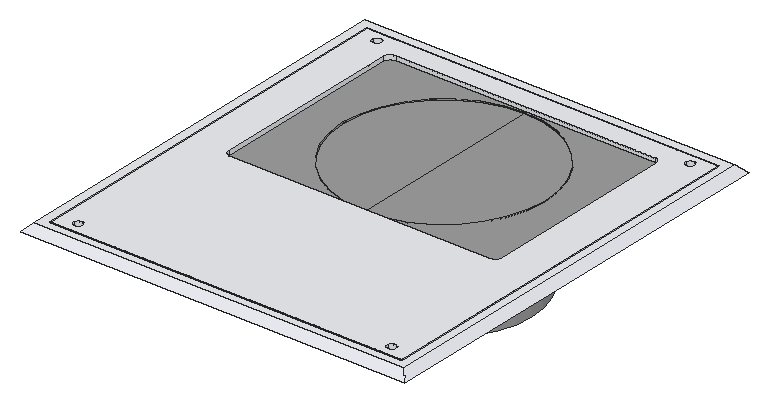
Revit family "I8SCH+", category Communication Devices, Revit 2014
Parameters (values of type "IP Loudspeaker System")
  Width = 12.88"
  Weight Product = 5
  Warranty = "1 Year"
  Voltage AC = "PoE or PoE+ and External 24VDC"
  Vertical Symmetry = yes
  URL = "WWW.ATLASIED.COM"
  Transformer Option = yes
  Specification by User (default) = "TBD"
  Speaker Type = "S1"
  Speaker Listening Height [instance] = 30.00"
  Speaker Height [instance] = 120.00"
  Speaker Dispersion = 95.00°
  Speaker Cone Visible [instance] = no
  Speaker Cone Height [instance] = (Speaker Height - Speaker Listening Height)  # 90.00"
  ScheduleType |RF| = "AtlasIED Master"
  Safety Agency Ratings = "ETL Listed to Comply with UL-60950-1, and CAN/CSA-C22.2 No. 60950-1"
  SPL Max = 114
  Recommended Signal Processing = "Built-In Processing"
  Radius of Speaker Cone [instance] = (Speaker Cone Height) * tan(Speaker Dispersion / 2)  # 98.21777"
  Product Page URL = "https://www.atlasied.com/Product/ProductDetails?productId=3382"
  Product Documentation Link = "https://www.atlasied.com/f/3580/I8SCH+_data_sheet.pdf"
  Power Rating (RMS) = "15 Watts Max (802.3AT)"
  Operation Mode = "Self Powered"
  OmniClass Title = "SPEAKERS"
  OmniClass Number = "23-37 17 13 19"
  Mounting/Rigging Provisions = "Mounting Enclosure is Not Included (See Optional Enclosure)"
  Mount Material = QF_Plastic - White - Smooth
  Model = "I8SCH+"
  Max Input Ratings (8Ω) = "TBD"
  MaterFormat Title = "SPEAKERS"
  MasterFormat = "27 41 13"
  Market = "Commercial, Higher Education, Emergency"
  Manufacturer URL = "https://www.atlasied.com"
  Manufacturer Phone = "(800) 876 - 3333"
  Manufacturer Email = "support@atlasied.com"
  Manufacturer Address = "4545 E. Baseline Rd., Phoenix, AZ 85042"
  Manufacturer = "ATLAS SOUND"
  Loudspeaker Level = "8Ω, 9W (802.3AF), 15W (802.3AT)"
  Ingress Protection = "IP-30"
  Impedance = 8
  IQ Category = "SPEAKERS"
  Height = 2.77"
  Grill Material = QF_Plastic - Black - Fine Textured
  Frequency Response  = "700Hz - 5kHz"
  Family Version [instance] = "2017-01"
  Family Code (default) = "LOUD SPEAKERS"
  Enclosure Material = none
  Dispersion Angle = 95.00°
  Description = "POE+ INDOOR WALL MOUNT IP LOUDSPEAKER WITH LED DISPLAY, PAGING MICROPHONE, AND LED FLASHERS"
  Depth = 14.38"
  Coverage Vertical = 95.00°
  Coverage Horizontal = 95.00°
  Coverage = "95° 800Hz - 4kHz"
  Cost MSRP = 1094.99
  Cost = 1094.99
  Controls = "Time via NTP - Text Controlled via Software"
  Communication Ports = "RJ-45"
  Color = none
  Body Material = none
  Baffle Material = QF_Plastic - Black - Fine Textured
  70V Taps = "32.00 W"
  100V Taps = "32.00 W"
Reference planes (in)
  plane 1 "Center (Front/Back)": y = 0
  plane 2: z = 0
  plane 3 "Center (Left/Right)": x = 0
  plane 4: z = -3.51
  plane 5 "Back": y = 7.19
  plane 6: y = -7.19
  plane 7: x = -6.44
  plane 8: x = 6.44
  plane 9: x = 5.25
  plane 10: x = -5.25
  plane 11: y = 6.25
  plane 12: y = -6.25
  plane 13: y = 5.94
Forms (in)
  Sweep 1, solid, material "QF_Plastic - White - Smooth" <- "Mount Material"
    path origin (0, 0, 0) x (1, 0, 0) y (0, 1, 0)
      loop
        line (-6.44, 7.19) -> (-6.44, -7.19) -> (6.44, -7.19) -> (6.44, 7.19) -> (-6.44, 7.19)
    profile origin (0, 7.19, 0) x (0, 1, 0) y (0, 0, 1)
      loop
        line (0, 0) -> (-0.24433, 0.24433) -> (-0.54515, 0.24433) -> (-0.54515, 0) -> (0, 0)
  Extrusion 2, solid, material "QF_Plastic - White - Smooth" <- "Mount Material"
    sketch origin (-5.89485, 6.64485, 0.24433) x (1, 0, 0) y (0, 1, 0)
      loop
        line (0, -13.2897) -> (11.7897, -13.2897) -> (11.7897, 0) -> (0, 0) -> (0, -13.2897)
      loop
        circle (0.64485, -0.39485) r 0.14774
      loop
        circle (11.14485, -0.39485) r 0.14774
      loop
        circle (0.64485, -12.89485) r 0.14774
      loop
        circle (11.14485, -12.89485) r 0.14774
      loop
        arc (1.52642, -0.70485) -> (1.34965, -0.77807) -> (1.27642, -0.95485) r 0.25
        line (1.27642, -0.95485) -> (1.27642, -7.37233)
        arc (1.27642, -7.37233) -> (1.34965, -7.54911) -> (1.52642, -7.62233) r 0.25
        line (1.52642, -7.62233) -> (10.19772, -7.62233)
        arc (10.19772, -7.62233) -> (10.3745, -7.54911) -> (10.44772, -7.37233) r 0.25
        line (10.44772, -7.37233) -> (10.44772, -0.95485)
        arc (10.44772, -0.95485) -> (10.3745, -0.77807) -> (10.19772, -0.70485) r 0.25
        line (10.19772, -0.70485) -> (1.52642, -0.70485)
    from 0 to -0.24433
  Extrusion 3, solid, material "QF_Plastic - Black - Fine Textured" <- "Grill Material"
    sketch origin (-5.89485, 6.64485, 0.24433) x (1, 0, 0) y (0, 1, 0)
      loop
        arc (1.52642, -0.70485) -> (1.34965, -0.77807) -> (1.27642, -0.95485) r 0.25
        line (1.27642, -0.95485) -> (1.27642, -7.37233)
        arc (1.27642, -7.37233) -> (1.34965, -7.54911) -> (1.52642, -7.62233) r 0.25
        line (1.52642, -7.62233) -> (10.19772, -7.62233)
        arc (10.19772, -7.62233) -> (10.3745, -7.54911) -> (10.44772, -7.37233) r 0.25
        line (10.44772, -7.37233) -> (10.44772, -0.95485)
        arc (10.44772, -0.95485) -> (10.3745, -0.77807) -> (10.19772, -0.70485) r 0.25
        line (10.19772, -0.70485) -> (1.52642, -0.70485)
      loop
        circle (5.89485, -4.14745) r 3.37485
    from -0.13 to -0.24433
  Revolve 4, solid, material "QF_Plastic - Black - Fine Textured" <- "Baffle Material"
    sketch origin (0, 0, 0) x (0, 1, 0) y (0, 0, 1)
      loop
        line (5.44343, -3.51) -> (5.44343, -0.16445) -> (5.87225, -0.16445) -> (5.87225, 0.09375) -> (2.4974, 0.09375) -> (2.4974, -3.51) -> (5.44343, -3.51)
      axis (2.4974, 0.09375) -> (2.4974, -3.51)
    angle from 0 to 360
  Extrusion 5, solid, material "QF_Plastic - White - Smooth" <- "Mount Material"
    sketch origin (-5.89485, 6.64485, 0) x (0, 1, 0) y (1, 0, 0)
      loop
        line (-11.72238, 10.75316) -> (-11.72238, 1.00316)
        arc (-11.72238, 1.00316) -> (-11.64916, 0.82638) -> (-11.47238, 0.75316) r 0.25
        line (-11.47238, 0.75316) -> (-9.35911, 0.75316)
        arc (-9.35911, 0.75316) -> (-9.18233, 0.82638) -> (-9.10911, 1.00316) r 0.25
        line (-9.10911, 1.00316) -> (-9.10911, 10.75316)
        arc (-9.10911, 10.75316) -> (-9.18233, 10.92993) -> (-9.35911, 11.00316) r 0.25
        line (-9.35911, 11.00316) -> (-11.47238, 11.00316)
        arc (-11.47238, 11.00316) -> (-11.64916, 10.92993) -> (-11.72238, 10.75316) r 0.25
    from 0 to 1
  Blend 6, solid, material "Glass", visible <- "Speaker Cone Visible"
    base sketch origin (0, 2.38604, 0.13989) x (1, 0, 0) y (0, 1, 0)
      loop
        circle (0, 0.09521) r 98.21777
    top sketch origin (0, 2.38604, 0.13989) x (1, 0, 0) y (0, 1, 0)
      loop
        circle (0, 0.09521) r 0.13513
    from 90 <- "Speaker Cone Height" to 0
Lines and regions (in)
  Split face 1
    outline origin (-5.89485, 6.64485, 0.24433) x (1, 0, 0) y (0, 1, 0)
      loop
        arc (1.00316, -9.10911) -> (0.82638, -9.18233) -> (0.75316, -9.35911) r 0.25
        line (0.75316, -9.35911) -> (0.75316, -11.47238)
        arc (0.75316, -11.47238) -> (0.82638, -11.64916) -> (1.00316, -11.72238) r 0.25
        line (1.00316, -11.72238) -> (10.75316, -11.72238)
        arc (10.75316, -11.72238) -> (10.92993, -11.64916) -> (11.00316, -11.47238) r 0.25
        line (11.00316, -11.47238) -> (11.00316, -9.35911)
        arc (11.00316, -9.35911) -> (10.92993, -9.18233) -> (10.75316, -9.10911) r 0.25
        line (10.75316, -9.10911) -> (1.00316, -9.10911)
  Split face 2
    outline origin (-5.89485, 6.64485, 0.11433) x (1, 0, 0) y (0, 1, 0)
      loop
        circle (5.86207, -4.16359) r 3.45874
  Split face 3
    outline origin (-5.89485, 6.64485, 0.24433) x (1, 0, 0) y (0, 1, 0)
      loop
        line (1.75316, -9.35911) -> (1.75316, -11.47238) -> (10.00316, -11.47238) -> (10.00316, -9.35911) -> (1.75316, -9.35911)
  symbolic lines
    curve 1: line (-6.44, 7.19, 0) -> (6.44, 7.19, 0)
    curve 2: line (-6.44, -7.19, 0) -> (-6.44, 7.19, 0)
    curve 3: line (6.44, -7.19, 0) -> (-6.44, -7.19, 0)
    curve 4: line (6.44, 7.19, 0) -> (6.44, -7.19, 0)
    curve 5: line (6.19567, 6.94567, 0) -> (-6.19567, 6.94567, 0)
    curve 6: line (-6.19567, 6.94567, 0) -> (-6.19567, -6.94567, 0)
    curve 7: line (-6.19567, -6.94567, 0) -> (6.19567, -6.94567, 0)
    curve 8: line (6.19567, -6.94567, 0) -> (6.19567, 6.94567, 0)
    curve 9: line (-4.36843, 5.94, 0) -> (4.30287, 5.94, 0)
    curve 10: arc (4.30287, 5.94, 0) -> (4.47964, 5.86678, 0) -> (4.55287, 5.69, 0) r 0.25
    curve 11: line (4.55287, 5.69, 0) -> (4.55287, -0.72748, 0)
    curve 12: arc (4.55287, -0.72748, 0) -> (4.47964, -0.90426, 0) -> (4.30287, -0.97748, 0) r 0.25
    curve 13: line (4.30287, -0.97748, 0) -> (-4.36843, -0.97748, 0)
    curve 14: arc (-4.36843, -0.97748, 0) -> (-4.5452, -0.90426, 0) -> (-4.61843, -0.72748, 0) r 0.25
    curve 15: line (-4.61843, -0.72748, 0) -> (-4.61843, 5.69, 0)
    curve 16: arc (-4.61843, 5.69, 0) -> (-4.5452, 5.86678, 0) -> (-4.36843, 5.94, 0) r 0.25
    curve 17: line (4.8583, -2.46426, 0) -> (-4.8917, -2.46426, 0)
    curve 18: arc (-4.8917, -2.46426, 0) -> (-5.06847, -2.53748, 0) -> (-5.1417, -2.71426, 0) r 0.25
    curve 19: line (-5.1417, -2.71426, 0) -> (-5.1417, -4.82753, 0)
    curve 20: arc (-5.1417, -4.82753, 0) -> (-5.06847, -5.00431, 0) -> (-4.8917, -5.07753, 0) r 0.25
    curve 21: line (-4.8917, -5.07753, 0) -> (4.8583, -5.07753, 0)
    curve 22: arc (4.8583, -5.07753, 0) -> (5.03508, -5.00431, 0) -> (5.1083, -4.82753, 0) r 0.25
    curve 23: line (5.1083, -4.82753, 0) -> (5.1083, -2.71426, 0)
    curve 24: arc (5.1083, -2.71426, 0) -> (5.03508, -2.53748, 0) -> (4.8583, -2.46426, 0) r 0.25
    curve 26: arc (-5.39774, 6.25, 0) -> (-5.25, 6.39774, 0) -> (-5.10226, 6.25, 0) r 0.14774
    curve 27: arc (-5.10226, 6.25, 0) -> (-5.25, 6.10226, 0) -> (-5.39774, 6.25, 0) r 0.14774
    curve 28: arc (5.39774, 6.25, 0) -> (5.25, 6.10226, 0) -> (5.10226, 6.25, 0) r 0.14774
    curve 29: arc (5.10226, 6.25, 0) -> (5.25, 6.39774, 0) -> (5.39774, 6.25, 0) r 0.14774
    curve 30: arc (5.39774, -6.25, 0) -> (5.25, -6.39774, 0) -> (5.10226, -6.25, 0) r 0.14774
    curve 31: arc (5.10226, -6.25, 0) -> (5.25, -6.10226, 0) -> (5.39774, -6.25, 0) r 0.14774
    curve 32: arc (-5.10226, -6.25, 0) -> (-5.25, -6.39774, 0) -> (-5.39774, -6.25, 0) r 0.14774
    curve 33: arc (-5.39774, -6.25, 0) -> (-5.25, -6.10226, 0) -> (-5.10226, -6.25, 0) r 0.14774
  symbolic lines, style "Sound Projection Average", visible <- "Speaker Cone Visible"
    curve 25: circle (0, 2.48126, 0.13989) r 98.21777 normal (0, 0, 1)
Dimensions and locks (in)
  "Width": plane 7 to plane 8
  "Depth": plane 5 "Back" to plane 6
  plane 10 to plane 9 = 10.50"
  plane 11 to plane 12 = 12.50"
  "Radius of Speaker Cone": radius of Blend 6 sketch curve
  aligned and locked: plane 2 to level
Automatic sketch dimensions
  curve 3 to plane 6 = 0.00"
  curve 3 to plane 7 = 0.00"
  curve 1 to plane 5 "Back" = 0.00"
  curve 1 to plane 8 = 0.00"
  plane 7 to curve 6 = 0.24433"
  plane 10 to curve 19 = 0.1083"
  curve 19 to curve 20 = 0.25"
  curve 18 to curve 17 = 0.25"
  plane 10 to curve 15 = 0.63157"
  curve 15 to curve 9 = 0.25"
  curve 14 to curve 14 = 0.25"
  plane 9 to curve 13 = 0.94713"
  plane 9 to curve 10 = 0.94713"
  curve 12 to curve 11 = 0.25"
  plane 9 to curve 17 = 0.3917"
  plane 9 to curve 22 = 0.3917"
  plane 9 to curve 23 = 0.1417"
  curve 8 to plane 8 = 0.24433"
  plane 6 to curve 8 = 0.24433"
  plane 12 to curve 21 = 1.17247"
  curve 23 to curve 23 = 2.11327"
  plane 1 "Center (Front/Back)" to curve 13 = 0.97748"
  curve 16 to plane 11 = 0.56"
  curve 6 to plane 5 "Back" = 0.24433"
  Sweep 1 sketch curve to plane 6 = 0.00"
  Sweep 1 sketch curve to plane 7 = 0.00"
  Sweep 1 sketch curve to plane 8 = 0.00"
  Sweep 1 sketch curve to plane 5 "Back" = 0.00"
  Sweep 1 sketch curve to level = 0.00"
  Sweep 1 sketch curve to profile plane = 0.00"
  profile plane to Sweep 1 sketch curve = 0.24433"
  Sweep 1 sketch curve to Sweep 1 sketch curve = 0.30082"
  level to Sweep 1 sketch curve = 0.24433"
  Extrusion 2 sketch curve to Sweep 1 = 0.00"  (x3)
  Sweep 1 to Extrusion 2 sketch curve = 0.00"
  Extrusion 2 sketch curve to Sweep 1 = 0.64485"  (x4)
  Extrusion 2 sketch curve to Extrusion 2 sketch curve = 0.63157"
  Extrusion 2 sketch curve to Extrusion 2 sketch curve = 0.25"  (x3)
  Extrusion 2 sketch curve to Sweep 1 = 0.70485"
  Extrusion 2 sketch curve to Sweep 1 = 1.59198"  (x2)
  Extrusion 2 sketch curve to Sweep 1 = 0.39485"  (x4)
  Extrusion 2 sketch curve to Extrusion 2 sketch curve = 5.27252"
  Split face 1 sketch curve to Extrusion 2 = 0.52327"
  Split face 1 sketch curve to Extrusion 2 = 0.27327"
  Split face 1 sketch curve to Split face 1 sketch curve = 0.25"  (x2)
  Split face 1 sketch curve to Extrusion 2 = 0.30544"  (x2)
  Split face 1 sketch curve to Extrusion 2 = 1.56732"
  Split face 1 sketch curve to Extrusion 2 = 1.73677"
  Extrusion 3 sketch curve to Extrusion 3 sketch curve = 0.00"  (x2)
  Extrusion 3 sketch curve to Sweep 1 = 1.27642"
  Extrusion 3 sketch curve to Extrusion 3 sketch curve = 0.25"  (x3)
  Extrusion 3 sketch curve to Extrusion 3 sketch curve = 4.36843"
  Extrusion 3 sketch curve to Sweep 1 = 0.70485"
  Extrusion 3 sketch curve to Sweep 1 = 1.59198"  (x2)
  Extrusion 3 sketch curve to Sweep 1 = 4.14745"
  Extrusion 3 sketch curve to Extrusion 3 sketch curve = 3.22488"
  Extrusion 3 sketch curve to Extrusion 3 sketch curve = 3.37485"
  Split face 2 sketch curve to Extrusion 3 = 4.58565"
  Split face 2 sketch curve to Extrusion 3 = 3.45874"
  Revolve 4 sketch curve to plane 4 = 0.00"
  Revolve 4 sketch curve to plane 1 "Center (Front/Back)" = 2.4974"
  Revolve 4 sketch curve to level = 0.16445"
  Revolve 4 sketch curve to plane 13 = 0.49657"
  Revolve 4 sketch curve to plane 13 = 0.06775"
  level to Revolve 4 sketch curve = 0.09375"
  Revolve 4 sketch curve to Revolve 4 sketch curve = 0.00"
  Revolve 4 sketch curve to Revolve 4 sketch curve = 0.78004"
  Revolve 4 sketch curve to Revolve 4 sketch curve = 0.25"
  Extrusion 2 to Extrusion 5 sketch curve = 0.30544"  (x2)
  Extrusion 2 to Extrusion 5 sketch curve = 1.56732"
  Extrusion 5 sketch curve to Extrusion 5 sketch curve = 0.25"  (x2)
  Extrusion 2 to Extrusion 5 sketch curve = 0.52327"
  Extrusion 2 to Extrusion 5 sketch curve = 1.73677"  (x2)
  Split face 3 sketch curve to Extrusion 2 = 1.81732"
  Extrusion 2 to Split face 3 sketch curve = 0.47673"
  Extrusion 2 to Split face 3 sketch curve = 0.44456"
  Split face 3 sketch curve to Extrusion 2 = 1.73677"
  Blend 6 sketch curve to plane 3 "Center (Left/Right)" = 0.00"  (x2)
  Blend 6 sketch curve to plane 1 "Center (Front/Back)" = 2.48126"  (x2)
  curve 26 to plane 11 = 0.00"
  curve 27 to plane 10 = 0.00"
  curve 26 to curve 26 = 0.14774"
  curve 29 to plane 11 = 0.00"
  curve 28 to plane 9 = 0.00"
  curve 29 to curve 28 = 0.14774"
  curve 30 to plane 12 = 0.00"
  curve 31 to plane 9 = 0.00"
  curve 30 to curve 30 = 0.14774"
  curve 32 to curve 33 = 0.00"  (x2)
  curve 33 to plane 12 = 0.00"
  curve 33 to plane 10 = 0.00"
  curve 33 to curve 32 = 0.14774"
  radius of Extrusion 2 sketch curve = 0.14774"  (x4)
  radius of Split face 2 sketch curve = 3.45874"
  radius of Blend 6 sketch curve = 0.13513"
Nested families (in)
  nested 1: "Speaker Annotation" at (0, 0, 0.13989), Speaker Type <- "Speaker Type", type "Data Annotation"
    with Speaker Type "S1"
Definition of nested family "Speaker Annotation"
  Parameters (values of type "Data Annotation")
    Speaker Type [instance] = ""
  Reference planes (in)
    plane 1: y = 0
    plane 2: x = 0
  Lines and regions (in)
    detail lines, style "Data Device"
      curve 1: circle (-0.00295, 0.00032, 0) r 0.09489 normal (0, 0, 1)
  Text (in)
    label "S1" at (0.00193, -0.00496, 0), shows "Speaker Type"
